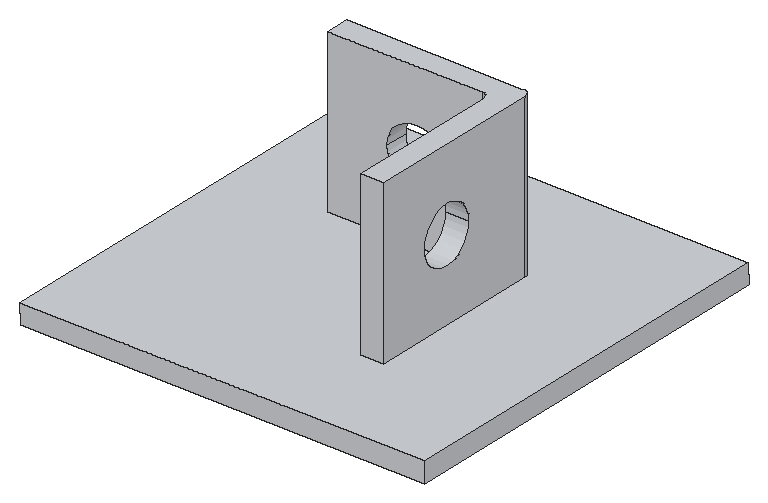
Revit family "MP34", category Generic Models, Revit 2017
Family settings
  Can host rebar = No
  Round Connector Dimension = Use Diameter
  Part Type = Normal
  Work Plane-Based = Yes
  Always vertical = No
  Cut with Voids When Loaded = No
  Shared = No
  Room Calculation Point = No
Parameters (values of type "NBS Standard Parameters")
  Weight = "0.54Kg"
  WarrantyStartDate [instance] = "1900-12-31T23:59:59"
  WarrantyGuarantorParts = "n/a"
  WarrantyGuarantorLabor = "n/a"
  WarrantyDurationUnit = "1 year"
  WarrantyDurationParts = "n/a"
  WarrantyDurationLabor = "n/a"
  WarrantyDescription = "n/a"
  Version = "1"
  Uniclass2 = "Pr_56_70_11_19"
  TagNumber [instance] = "n/a"
  SustainabilityPerformance = "n/a"
  Size = "n/a"
  Shape = "n/a"
  SerialNumber [instance] = "n/a"
  Revision = "n/a"
  ReplacementCost = "n/a"
  ProductInformation = "www.metpro.co.uk/pdf/mp34.pdf"
  NominalWidth = 100 mm
  NominalLength = 100 mm
  NominalHeight = 54 mm
  Name = ""
  NBSTypeID = ""
  NBSReference = "90-55-10/305"
  NBSOfficeMasterTag = ""
  NBSNote = ""
  NBSDescription = "Channel Cable Supports"
  NBSCertification = ""
  ModelReference = "MP34"
  ModelNumber = "n/a"
  Material = "Steel"
  ManufacturerURL = "www.metpro.co.uk"
  ManufacturerName = "Metpro Ltd"
  Keynote = "Compliant to LU Standard 1-085"
  InstallationDate [instance] = "1900-12-31T23:59:59"
  IfcExportType = ""
  IfcExportAs = ""
  Grade = "n/a"
  Finish = "Hot Dipped Galvanised"
  Features = "n/a"
  ExpectedLife = "n/a"
  DurationUnit = "year"
  Description = "MP34  Double Lug Channel Base Plate"
  Default Elevation = 1219.2 mm
  Constituents = "n/a"
  Color = "n/a"
  CodePerformance = "n/a"
  Category = "n/a"
  BarCode [instance] = "n/a"
  BIMObjectName = "metpro_metprolibrary_channelcablesupports_channelbrackets"
  Author = "Metpro Ltd"
  AssetType = ""
  AssetIdentifier [instance] = "n/a"
  AccessibilityPerformance = "n/a"
Reference planes
  plane 1 "Center (Front/Back)": y = 0
  plane 2: z = 0
  plane 3 "Center (Left/Right)": x = 0
Forms (mm)
  Extrusion 1, solid
    sketch origin (-20.903, 26.358, 0) x (1, 0, 0) y (0, 1, 0)
      loop
        line (45.053, 38.55) -> (83.076, 38.55)
        arc (83.076, 38.55) -> (84.474, 37.971) -> (85.053, 36.573) r 1.977
        line (85.053, 36.573) -> (85.053, -1.45) -> (90.753, -1.45) -> (90.753, 42.25)
        arc (90.753, 42.25) -> (90.167, 43.664) -> (88.753, 44.25) r 2
        line (88.753, 44.25) -> (45.053, 44.25) -> (45.053, 38.55)
    from 0 to 40
  Extrusion 2, solid
    sketch origin (-20.903, 26.358, 0) x (1, 0, 0) y (0, 1, 0)
      loop
        line (120.903, -26.358) -> (120.903, 73.642) -> (20.903, 73.642) -> (20.903, -26.358) -> (120.903, -26.358)
    from -5 to 0
  Extrusion 3, void
    sketch origin (16.638, 70.608, 0) x (-1, 0, 0) y (0, 0, -1)
      loop
        circle (-29.162, -20) r 7
    from 0 to 5.7
  Extrusion 4, void
    sketch origin (69.85, 64.908, 0) x (0, 1, 0) y (0, 0, -1)
      loop
        circle (-20.55, -20) r 7
    from 0 to 5.7
Cuts and joins
  Extrusion 3, Extrusion 4 cuts Extrusion 1
Dimensions and locks
  aligned and locked: level to plane 2
